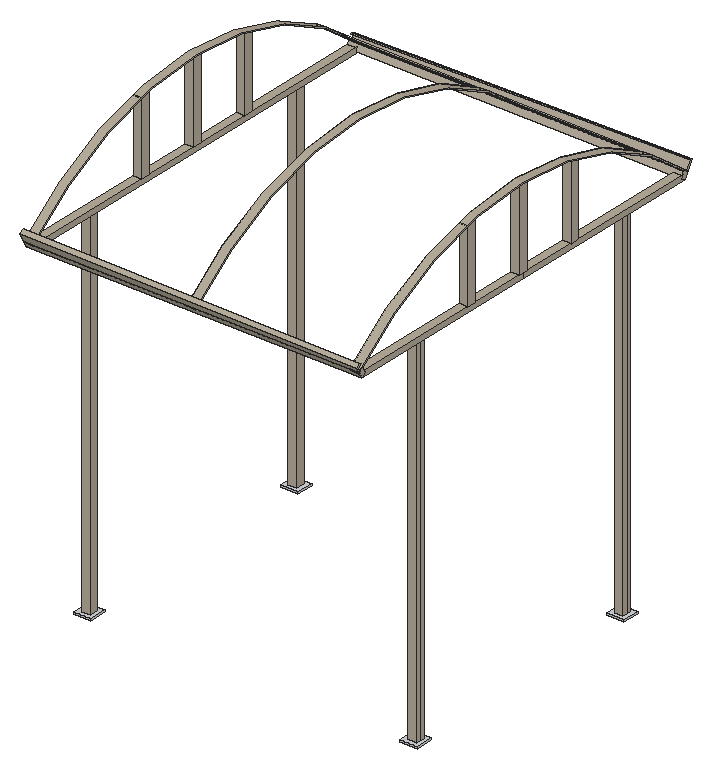
Revit family "Roof RTC-15", category Обобщенные модели, Revit 2019
Family settings
  Может служить основой для арматурных стержней = Нет
  Размер круглого соединителя = Использовать диаметр
  Тип детали = Нормальный
  На основе рабочей плоскости = Нет
  Всегда вертикально = Да
  При загрузке вырезать с полостями = Нет
  Общий = Нет
  Точка расчета площади = Нет
Parameters
  Unit of measurement = "pcs"
  URL = "https://www.perco.ru/products/krysha-rtc-15-dlya-polnorostovogo-turniketa-rtd-15.php"
  Operating temperature = "from -40°C to +55°C"
  Number = 1
  Name = "RTC-15 Roof"
  Material = Steel painted RAL 1019
  Изготовитель = "PERCo"
  Full name = "RTC-15 Roof for RTD-15 Full Height Turnstile"
  Dimensions = "2388х2015х2586 mm"
Reference planes
  plane 1 "По центру (Вперед/Назад)": y = 0
  plane 2: z = 0
  plane 3 "По центру (Влево/Вправо)": x = 0
  plane 4: y = 1194
  plane 5: x = -972.5
  plane 6: x = 972.5
  plane 7: y = -1194
Forms (mm)
  Extrusion 1, solid, material "Steel painted RAL 1019" <- "Material"
    sketch origin (0, 0, 0) x (1, 0, 0) y (0, 1, 0)
      loop
        line (-972.5, 750) -> (-972.5, 725) -> (-922.5, 725) -> (-922.5, 775) -> (-972.5, 775) -> (-972.5, 750)
      loop
        line (972.5, 750) -> (972.5, 775) -> (922.5, 775) -> (922.5, 725) -> (972.5, 725) -> (972.5, 750)
      loop
        line (-972.5, -750) -> (-972.5, -775) -> (-922.5, -775) -> (-922.5, -725) -> (-972.5, -725) -> (-972.5, -750)
      loop
        line (972.5, -750) -> (972.5, -725) -> (922.5, -725) -> (922.5, -775) -> (972.5, -775) -> (972.5, -750)
    from 10 to 2085
  Extrusion 2, solid
    sketch origin (0, 0, 0) x (1, 0, 0) y (0, 1, 0)
      loop
        line (-997.5, 700) -> (-897.5, 700) -> (-897.5, 800) -> (-997.5, 800) -> (-997.5, 700)
      loop
        line (997.5, 700) -> (997.5, 800) -> (897.5, 800) -> (897.5, 700) -> (997.5, 700)
      loop
        line (-997.5, -700) -> (-997.5, -800) -> (-897.5, -800) -> (-897.5, -700) -> (-997.5, -700)
      loop
        line (997.5, -700) -> (897.5, -700) -> (897.5, -800) -> (997.5, -800) -> (997.5, -700)
    from 0 to 10
  Extrusion 3, solid, material "Steel painted RAL 1019" <- "Material"
    sketch origin (0, 0, 0) x (1, 0, 0) y (0, 1, 0)
      loop
        line (-972.5, 0) -> (-972.5, -1174) -> (-922.5, -1174) -> (-922.5, 1174) -> (-972.5, 1174) -> (-972.5, 0)
      loop
        line (972.5, 0) -> (972.5, 1174) -> (922.5, 1174) -> (922.5, -1174) -> (972.5, -1174) -> (972.5, 0)
    from 2085 to 2115
  Extrusion 4, solid, material "Steel painted RAL 1019" <- "Material"
    sketch origin (0, 0, 0) x (0, 1, 0) y (0, 0, 1)
      loop
        line (1174, 2085) -> (1194, 2119.641) -> (1168.019, 2134.641) -> (1148.019, 2100) -> (1174, 2085)
      loop
        line (-1174, 2085) -> (-1148.019, 2100) -> (-1168.019, 2134.641) -> (-1194, 2119.641) -> (-1174, 2085)
    from -972.5 to 972.5
  Extrusion 5, solid, material "Steel painted RAL 1019" <- "Material"
    sketch origin (0, 0, 0) x (0, 1, 0) y (0, 0, 1)
      loop
        line (25, 2580) -> (-25, 2580) -> (-25, 2115) -> (25, 2115) -> (25, 2580)
      loop
        arc (400, 2533.826) -> (385.401, 2537.176) -> (370.773, 2540.402) r 1755.654
        arc (370.773, 2540.402) -> (360.393, 2542.612) -> (350, 2544.759) r 1755.654
        line (350, 2544.759) -> (350, 2115) -> (400, 2115) -> (400, 2533.826)
      loop
        arc (-350, 2544.759) -> (-375.04, 2539.475) -> (-400, 2533.826) r 1755.654
        line (-400, 2533.826) -> (-400, 2115) -> (-350, 2115) -> (-350, 2544.759)
    from -972.5 to -922.5
  Extrusion 6, solid, material "Steel painted RAL 1019" <- "Material"
    sketch origin (0, 0, 0) x (0, 1, 0) y (0, 0, -1)
      loop
        line (25, -2580) -> (25, -2115) -> (-25, -2115) -> (-25, -2580) -> (25, -2580)
      loop
        line (400, -2533.826) -> (400, -2115) -> (350, -2115) -> (350, -2544.759)
        arc (350, -2544.759) -> (360.393, -2542.612) -> (370.773, -2540.402) r 1755.654
        arc (370.773, -2540.402) -> (385.401, -2537.176) -> (400, -2533.826) r 1755.654
      loop
        line (-350, -2544.759) -> (-350, -2115) -> (-400, -2115) -> (-400, -2533.826)
        arc (-400, -2533.826) -> (-375.04, -2539.475) -> (-350, -2544.759) r 1755.654
    from -972.5 to -922.5
  Extrusion 7, solid, material "Acrylic, transparent"
    sketch origin (0, 0, 0) x (0, 1, 0) y (0, 0, 1)
      loop
        arc (1194, 2119.641) -> (0, 2586) -> (-1194, 2119.641) r 1761.654
        line (-1194, 2119.641) -> (-1190.925, 2114.315)
        arc (-1190.925, 2114.315) -> (-0.674, 2580) -> (1189.933, 2115.229) r 1755.654
        line (1189.933, 2115.229) -> (1190.925, 2114.315) -> (1194, 2119.641)
    from -922.5 to -25
  Extrusion 8, solid, material "Acrylic, transparent"
    sketch origin (0, 0, 0) x (0, 1, 0) y (0, 0, -1)
      loop
        line (1194, -2119.641) -> (1190.925, -2114.315) -> (1189.933, -2115.229)
        arc (1189.933, -2115.229) -> (-0.674, -2580) -> (-1190.925, -2114.315) r 1755.654
        line (-1190.925, -2114.315) -> (-1194, -2119.641)
        arc (-1194, -2119.641) -> (0, -2586) -> (1194, -2119.641) r 1761.654
    from -922.5 to -25
  Extrusion 9, solid, material "Steel painted RAL 1019" <- "Material"
    sketch origin (1140, 0, 0) x (0, 1, 0) y (0, 0, -1)
      loop
        line (1194, -2119.641) -> (1190.925, -2114.315) -> (1189.933, -2115.229)
        arc (1189.933, -2115.229) -> (-0.674, -2580) -> (-1190.925, -2114.315) r 1755.654
        line (-1190.925, -2114.315) -> (-1194, -2119.641)
        arc (-1194, -2119.641) -> (0, -2586) -> (1194, -2119.641) r 1761.654
    from 167.5 to 217.5
  Extrusion 10, solid, material "Steel painted RAL 1019" <- "Material"
    sketch origin (192.5, 0, 0) x (0, 1, 0) y (0, 0, -1)
      loop
        line (1194, -2119.641) -> (1190.925, -2114.315) -> (1189.933, -2115.229)
        arc (1189.933, -2115.229) -> (-0.674, -2580) -> (-1190.925, -2114.315) r 1755.654
        line (-1190.925, -2114.315) -> (-1194, -2119.641)
        arc (-1194, -2119.641) -> (0, -2586) -> (1194, -2119.641) r 1761.654
    from 167.5 to 217.5
  Extrusion 11, solid, material "Steel painted RAL 1019" <- "Material"
    sketch origin (-755, 0, 0) x (0, 1, 0) y (0, 0, -1)
      loop
        line (1194, -2119.641) -> (1190.925, -2114.315) -> (1189.933, -2115.229)
        arc (1189.933, -2115.229) -> (-0.674, -2580) -> (-1190.925, -2114.315) r 1755.654
        line (-1190.925, -2114.315) -> (-1194, -2119.641)
        arc (-1194, -2119.641) -> (0, -2586) -> (1194, -2119.641) r 1761.654
    from 167.5 to 217.5
  Blend 12, solid, material "Steel painted RAL 1019" <- "Material"
    base sketch origin (0, 0, 0) x (0, 1, 0) y (0, 0, 1)
      loop
        line (-1194, 2119.641) -> (-1190.111, 2122.905) -> (-1217.17, 2169.772) -> (-1195.519, 2182.272) -> (-1198.019, 2186.603) -> (-1224, 2171.603) -> (-1194, 2119.641)
    top sketch origin (0, 0, 0) x (0, 1, 0) y (0, 0, 1)
      loop
        line (-1194, 2119.641) -> (-1190.111, 2122.905) -> (-1203.439, 2145.99) -> (-1181.788, 2158.49) -> (-1184.288, 2162.82) -> (-1210.269, 2147.82) -> (-1194, 2119.641)
    from -972.5 to 972.5
  Blend 13, solid, material "Steel painted RAL 1019" <- "Material"
    base sketch origin (0, 0, 0) x (0, -1, 0) y (0, 0, 1)
      loop
        line (-1194, 2119.641) -> (-1190.111, 2122.905) -> (-1217.17, 2169.772) -> (-1195.519, 2182.272) -> (-1198.019, 2186.603) -> (-1224, 2171.603) -> (-1194, 2119.641)
    top sketch origin (0, 0, 0) x (0, -1, 0) y (0, 0, 1)
      loop
        line (-1194, 2119.641) -> (-1190.111, 2122.905) -> (-1203.439, 2145.99) -> (-1181.788, 2158.49) -> (-1184.288, 2162.82) -> (-1210.269, 2147.82) -> (-1194, 2119.641)
    from -972.5 to 972.5
Dimensions and locks
  aligned and locked: level to plane 2
